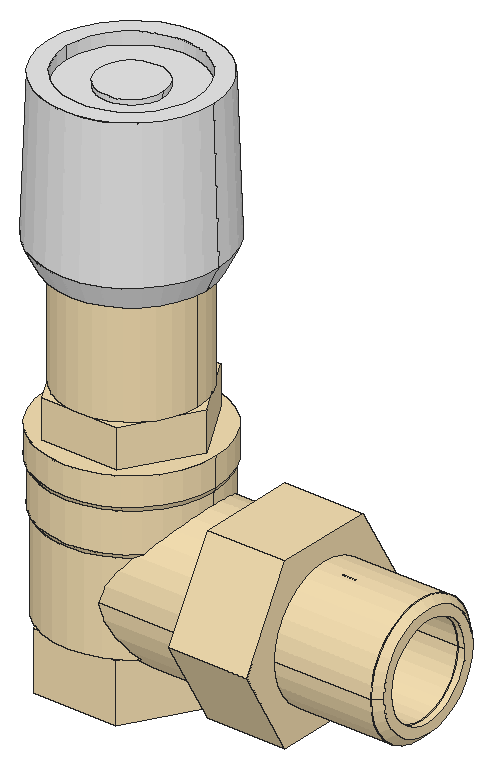
Revit family "1", category Pipe Accessories, Revit 2018
Family settings
  Round Connector Dimension = Use Diameter
  Part Type = Normal
  OmniClass Number = 23.65.00.00
  OmniClass Title = Supply and Distribution of Liquids and Gases
  Work Plane-Based = No
  Always vertical = No
  Cut with Voids When Loaded = No
  Shared = No
Parameters (values of type "554 - 3/4” - Female differential by-pass valve with pipe union")
  Youtube clip = ""
  Wheelhandle Material = Pintossi - Plastic - ABS
  Weight Net (Kg) = ""
  Uniformat II Description = "Systems Testing & Balancing"  # constant formula
  Uniformat II Code = "D3070"  # constant formula
  Uniclass 2015 Name = "Balancing equipment"  # constant formula
  Uniclass 2015 Code = "Pr_40_50_83_06"  # constant formula
  Uniclass 2.0 Description = "Balancing Equipment"  # constant formula
  Uniclass 2.0 Code = "PR-35-83-06"  # constant formula
  Uniclass 1.4 Description = "Valves"  # constant formula
  Uniclass 1.4 Code = "L7136"  # constant formula
  URL = "www.pintossi.it"
  UNSPSC Code = "401416"  # constant formula
  Technical description = ""
  Region South America = "AR, BO, BR, CL, CO, EC, FK, GF, GY, PE, PY, SR, UY, VE"  # constant formula
  Region Oceania = "AS, AU, CK, FJ, FM, GU, KI, MH, MP, NC, NF, NR, NU, NZ, PF, PG, PN, PW, SB, TK, TL, TO, TV, UM, WF, WS, VU"  # constant formula
  Region North America = "AG, AI, AW, BB, BL, BM, BQ, BS, BZ, CA, CR, CU, CW, DM, DO, GD, GL, GP, GT, HN, HT, JM, KN, KY, LC, MF, MQ, MS, MX, NI, PA, PM, PR, SV, SX, TC, TT, US, VC, VG, VI"  # constant formula
  Region Middle East = "AE, AF, BH, EG, IL, IQ, IR, JO, KW, LB, OM, PS, QA, SA, SY, TR, YE"  # constant formula
  Region Europe = "AD, AL, AT, AX, BA, BE, BG, BY, CH, CY, CZ, DE, DK, EE, ES, FI, FO, FR, GB, GG, GI, GR, HR, HU, IE, IM, IS, IT, JE, LI, LT, LU, LV, MC, MD, ME, MK, MT, NL, NO, PL, PT, RO, RS, RU, SE, SI, SJ, SK, SM, UA, VA"  # constant formula
  Region Asia = "AM, AZ, BD, BN, BT, CC, CN, CX, GE, HK, ID, IN, IO, JP, KG, KH, KR, KZ, LA, LK, MM, MN, MO, MV, MY, NP, PH, PK, SG, TH, TJ, TM, TW, UZ, VN"  # constant formula
  Region Antarctica = "AQ, BV, GS, HM, TF"  # constant formula
  Region Africa = "AO, BF, BI, BJ, BW, CD, CF, CG, CI, CM, CV, DJ, DZ, EH, ER, ET, GA, GH, GM, GN, GQ, GW, KE, KM, LR, LS, LY, MA, MG, ML, MR, MU, MW, MZ, NA, NE, NG, RE, RW, SC, SD, SH, SL, SN, SO, SS, ST, SZ, TD, TG, TN, TZ, UG, YT, ZA, ZM, ZW"  # constant formula
  QR code = ""
  Product url = ""
  Product group = "By-pass-valves"  # constant formula
  Product family = "Components for central heating systems"  # constant formula
  Product data url = "https://www.bimobject.com/pintossi/product/554-differential-by-pass-valve-with-pipe-union"
  Product certification = ""
  Product SKU = ""
  Product Guid = "a1516ca7-c29a-432c-935f-a9d5edb142eb"
  PH: = "Between 7 and 8"  # constant formula
  Obturator Material = Pintossi - Metal - Brass CW617N
  NBS Reference Description = "Balancing Equipment"  # constant formula
  NBS Reference Code = "35-83-06"  # constant formula
  Model = "554"  # constant formula
  Maximum working temperature = 100 °C  # constant formula
  Maximum working pressure = 1000000.0 Pa  # constant formula
  Maximum percentage of glycol [%] = 30  # constant formula
  Material secondary = ""
  Material main = "Brass"  # constant formula
  Masterformat 2014 Description = "Testing, Adjusting, and Balancing for HVAC"  # constant formula
  Masterformat 2014 Code = "23 05 93"  # constant formula
  Manufacturer name = "Pintossi+c"  # constant formula
  Manufacturer country = "Italy"  # constant formula
  Manufacturer = "Pintossi+c"  # constant formula
  Main Inlet/Outlet Diameter = 19.1 mm
  Iron (FE): = "< 0,5 mg/kg (< 0,1 mg/kg for steam)"  # constant formula
  Installation instructions = ""
  IFC Classification = "Valve"  # constant formula
  Gaskets Material = Pintossi - Rubber - NBR
  Fluid aspect: = "Limpid"  # constant formula
  Edition number = 1
  EAN code = ""
  Design country = "Italy"  # constant formula
  Description = "Pintossi+C differential by-pass valve is the perfect solutions in order to avoid noise in heating systems using two ways motorized zone valves or thermostatic radiator valves.\r\n\r\nThe valve limits the maximum differential pressure value when the pump is in function, ensuring a flow recirculation proportional to the simultaneous number of valves closed."  # constant formula
  Date of publishing = ""
  D = 111.5 mm
  Copper (CU): = "< 0,1 mg/kg (< 0,05 mg/kg for steam)"  # constant formula
  Conditioning: = "as indicated by the producer"  # constant formula
  COBIe Type Category = ""
  CH = 38 mm
  C = 89.5 mm
  Brand url = "http://www.pintossi.it/"
  Body Material = Pintossi - Metal - Brass CW617N
  BIMobject category = "HVAC: Other HVAC"  # constant formula
  B = 22 mm
  Application fluids = "Water or glycol solutions"  # constant formula
  Antifreeze: = "Passiveted Propylene Glycol"  # constant formula
  A = 64 mm
Reference planes
  plane 1 "Center (Front/Back)": y = 0
  plane 2: z = 0
  plane 3 "Center (Left/Right)": x = 0
  plane 4: x = 61.25
  plane 5: z = -22
  plane 6: z = 89.5
Forms (mm)
  SweptBlend 1, solid, material "Pintossi - Plastic - ABS" <- "Wheelhandle Material", detail levels fine
    path origin (0, 0, 0) x (1, 0, 0) y (0, 0, 1)
      loop
        line (0, 89.5) -> (0, 59.5)
    profile origin (0, 0, 89.5) x (0, -1, 0) y (1, 0, 0)
      loop
        circle (0, 0) r 17
    end profile origin (0, 0, 59.5) x (0, -1, 0) y (1, 0, 0)
      loop
        circle (0, 0) r 18
  SweptBlend 2, solid, material "Pintossi - Plastic - ABS" <- "Wheelhandle Material", detail levels fine
    path origin (0, 0, 0) x (1, 0, 0) y (0, 0, 1)
      loop
        line (0, 59.5) -> (0, 54.5)
    profile origin (0, 0, 59.5) x (0, -1, 0) y (1, 0, 0)
      loop
        circle (0, 0) r 18
    end profile origin (0, 0, 54.5) x (0, -1, 0) y (1, 0, 0)
      loop
        circle (0, 0) r 15.5
  Sweep 3, solid, material "Pintossi - Metal - Brass CW617N" <- "Body Material", detail levels fine
    path origin (0, 0, 0) x (1, 0, 0) y (0, 0, 1)
      loop
        line (0, 54.5) -> (0, 32.317)
    profile origin (0, 0, 43.408) x (0, -1, 0) y (1, 0, 0)
      loop
        circle (0, 0) r 13.65
  Sweep 4, solid, material "Pintossi - Metal - Brass CW617N" <- "Body Material", detail levels fine
    path origin (0, 0, 0) x (1, 0, 0) y (0, 0, 1)
      loop
        line (0, 32.317) -> (0, 24.511)
    profile origin (0, 0, 28.414) x (0, -1, 0) y (1, 0, 0)
      loop
        line (-13.423, 7.75) -> (-13.423, -7.75) -> (0, -15.5) -> (13.423, -7.75) -> (13.423, 7.75) -> (0, 15.5) -> (-13.423, 7.75)
  Sweep 5, solid, material "Pintossi - Metal - Brass CW617N" <- "Body Material", detail levels fine
    path origin (0, 0, 0) x (1, 0, 0) y (0, 0, 1)
      loop
        line (0, 24.511) -> (0, 18.701)
    profile origin (0, 0, 21.606) x (0, -1, 0) y (1, 0, 0)
      loop
        circle (0, 0) r 17.5
  SweptBlend 6, solid, material "Pintossi - Metal - Brass CW617N" <- "Body Material", detail levels fine
    path origin (0, 0, 0) x (1, 0, 0) y (0, 0, 1)
      loop
        line (0, 18.701) -> (0, 17.801)
    profile origin (0, 0, 18.701) x (0, -1, 0) y (1, 0, 0)
      loop
        circle (0, 0) r 17.5
    end profile origin (0, 0, 17.801) x (0, -1, 0) y (1, 0, 0)
      loop
        circle (0, 0) r 17
  Sweep 7, solid, material "Pintossi - Metal - Brass CW617N" <- "Body Material", detail levels fine
    path origin (0, 0, 0) x (1, 0, 0) y (0, 0, 1)
      loop
        line (0, 17.801) -> (0, 9.714)
    profile origin (0, 0, 13.758) x (0, -1, 0) y (1, 0, 0)
      loop
        circle (0, 0) r 17
  SweptBlend 8, solid, material "Pintossi - Metal - Brass CW617N" <- "Body Material", detail levels fine
    path origin (0, 0, 0) x (1, 0, 0) y (0, 0, 1)
      loop
        line (0, 9.714) -> (0, 8.79)
    profile origin (0, 0, 9.714) x (0, -1, 0) y (1, 0, 0)
      loop
        circle (0, 0) r 17
    end profile origin (0, 0, 8.79) x (0, -1, 0) y (1, 0, 0)
      loop
        circle (0, 0) r 16.5
  Sweep 9, solid, material "Pintossi - Metal - Brass CW617N" <- "Body Material", detail levels fine
    path origin (0, 0, 0) x (1, 0, 0) y (0, 0, 1)
      loop
        line (0, 8.79) -> (0, -10)
    profile origin (0, 0, -0.605) x (0, -1, 0) y (1, 0, 0)
      loop
        circle (0, 0) r 16.5
  Sweep 10, solid, material "Pintossi - Metal - Brass CW617N" <- "Body Material", detail levels fine
    path origin (0, 0, 0) x (1, 0, 0) y (0, 0, 1)
      loop
        line (0, -10) -> (0, -22)
    profile origin (0, 0, -16) x (0, -1, 0) y (1, 0, 0)
      loop
        line (-14.722, -8.5) -> (0, -17) -> (14.722, -8.5) -> (14.722, 8.5) -> (0, 17) -> (-14.722, 8.5) -> (-14.722, -8.5)
  SweptBlend 11, solid, material "Pintossi - Metal - Brass CW617N" <- "Body Material", detail levels fine
    path origin (0, 0, 0) x (1, 0, 0) y (0, 0, 1)
      loop
        line (61.25, 0) -> (59.746, 0)
    profile origin (61.25, 0, 0) x (0, 0, -1) y (0, -1, 0)
      loop
        circle (0, 0) r 11.5
    end profile origin (59.746, 0, 0) x (0, 0, -1) y (0, -1, 0)
      loop
        circle (0, 0) r 13
  Sweep 12, solid, material "Pintossi - Metal - Brass CW617N" <- "Body Material", detail levels fine
    path origin (0, 0, 0) x (1, 0, 0) y (0, 0, 1)
      loop
        line (59.746, 0) -> (39.75, 0)
    profile origin (49.748, 0, 0) x (0, 0, -1) y (0, -1, 0)
      loop
        circle (0, 0) r 13
  Sweep 13, solid, material "Pintossi - Metal - Brass CW617N" <- "Body Material", detail levels fine
    path origin (0, 0, 0) x (1, 0, 0) y (0, 0, 1)
      loop
        line (39.75, 0) -> (23.75, 0)
    profile origin (31.75, 0, 0) x (0, 0, -1) y (0, -1, 0)
      loop
        line (0, -20) -> (17.321, -10) -> (17.321, 10) -> (0, 20) -> (-17.321, 10) -> (-17.321, -10) -> (0, -20)
  Sweep 14, solid, material "Pintossi - Metal - Brass CW617N" <- "Body Material", detail levels fine
    path origin (0, 0, 0) x (1, 0, 0) y (0, 0, 1)
      loop
        line (23.75, 0) -> (0, 0)
    profile origin (11.875, 0, 0) x (0, 0, -1) y (0, -1, 0)
      loop
        circle (0, 0) r 15.5
  Sweep 15, void
    path origin (0, 0, 0) x (1, 0, 0) y (0, 0, 1)
      loop
        line (0, 89.5) -> (0, 87)
    profile origin (0, 0, 88.25) x (0, -1, 0) y (1, 0, 0)
      loop
        circle (0, 0) r 13.5
  Sweep 16, solid, material "Pintossi - Plastic - ABS" <- "Wheelhandle Material", detail levels fine
    path origin (0, 0, 0) x (1, 0, 0) y (0, 0, 1)
      loop
        line (0, 87) -> (0, 88)
    profile origin (0, 0, 87.5) x (-1, 0, 0) y (0, -1, 0)
      loop
        circle (0, 0) r 6.5
  Sweep 17, void
    path origin (0, 0, 0) x (1, 0, 0) y (0, 0, 1)
      loop
        line (61.25, 0) -> (23.75, 0)
    profile origin (42.5, 0, 0) x (0, 0, -1) y (0, -1, 0)
      loop
        circle (0, 0) r 9.55
  Sweep 18, void
    path origin (0, 0, 0) x (1, 0, 0) y (0, 0, 1)
      loop
        line (0, -22) -> (0, 0)
    profile origin (0, 0, -11) x (-1, 0, 0) y (0, -1, 0)
      loop
        circle (0, 0) r 9.55
Cuts and joins
  Sweep 15 cuts SweptBlend 1
  Sweep 17 cuts SweptBlend 8
  Sweep 17, Sweep 18 cuts Sweep 9
  Sweep 17 cuts SweptBlend 11
  Sweep 17 cuts Sweep 12
  Sweep 17 cuts Sweep 13
  Sweep 17, Sweep 18 cuts Sweep 14
  Sweep 18 cuts Sweep 10
Lines and regions (mm)
  symbolic lines
    curve 1: line (0, 0, 0) -> (61.25, 25.076, 0)
    curve 2: line (61.25, 25.076, 0) -> (61.25, -25.076, 0)
    curve 3: line (61.25, -25.076, 0) -> (0, 0, 0)
    curve 4: line (-10, 20, 0) -> (10, 20, 0)
    curve 5: arc (-10, 20, 0) -> (0, 30, 0) -> (10, 20, 0) r 10
    curve 6: line (0, 0, 0) -> (25.076, -61.25, 0)
    curve 7: line (25.076, -61.25, 0) -> (-25.076, -61.25, 0)
    curve 8: line (-25.076, -61.25, 0) -> (0, 0, 0)
    curve 20: line (0, 0, 0) -> (0, 20, 0)
  model lines, detail levels coarse+medium
    curve 9: line (0, 0, 0) -> (-15.405, 0, -22)
    curve 10: line (-15.405, 0, -22) -> (0, 0, -22)
    curve 11: line (0, 0, 0) -> (15.405, 0, -22)
    curve 12: line (15.405, 0, -22) -> (0, 0, -22)
    curve 13: line (0, 0, 0) -> (61.25, 0, -22.486)
    curve 14: line (0, 0, 0) -> (61.25, 0, 22.486)
    curve 15: line (61.25, 0, 22.486) -> (61.25, 0, -22.486)
    curve 16: line (0, 0, 0) -> (0, 0, 70)
    curve 17: line (0, 0, 70) -> (-25, 0, 70)
    curve 18: line (0, 0, 70) -> (25, 0, 70)
    curve 19: arc (-25, 0, 70) -> (0, 0, 89.914) -> (25, 0, 70) r 25.65
Dimensions and locks
  locked: plane 6 to plane 5 at 111.5
  locked: plane 4 to plane 3 "Center (Left/Right)" at 61.25
  aligned and locked: level to plane 2
  aligned and locked: plane 6 to cut or joined group of SweptBlend 1, Sweep 15
  aligned and locked: SweptBlend 2 to SweptBlend 2
  aligned and locked: SweptBlend 2 to Sweep 3
  aligned and locked: Sweep 4 to Sweep 3
  aligned and locked: Sweep 5 to Sweep 4
  aligned and locked: Sweep 5 to SweptBlend 6
  aligned and locked: SweptBlend 6 to Sweep 7
  aligned and locked: Sweep 7 to Sweep 7
  aligned and locked: cut or joined group of SweptBlend 8, Sweep 17 to cut or joined group of Sweep 9, Sweep 17, Sweep 18
  aligned and locked: cut or joined group of Sweep 10, Sweep 18 to cut or joined group of Sweep 9, Sweep 17, Sweep 18
  aligned and locked: cut or joined group of Sweep 10, Sweep 18 to plane 5
  aligned and locked: plane 4 to cut or joined group of SweptBlend 11, Sweep 17
  aligned and locked: cut or joined group of Sweep 13, Sweep 17 to cut or joined group of Sweep 12, Sweep 17
  aligned and locked: cut or joined group of Sweep 13, Sweep 17 to cut or joined group of Sweep 14, Sweep 17, Sweep 18
  aligned and locked: cut or joined group of Sweep 14, Sweep 17, Sweep 18 to plane 3 "Center (Left/Right)"
Connectors
  piping at (61.25, 0, 0), diameter 19.1, driven by "Main Inlet/Outlet Diameter"
    settings: on cut or joined group of SweptBlend 11, Sweep 17, index 1, connector inside diameter 609.6 mm, connector length 0 mm, flow factor 0, pipe flow 0.0 L/s, pressure drop 0.0 Pa, fitting loss kfactor 0, connector angle 0.00°, fixture units 0, engagement length 0 mm, angle of deflection 0.00°, flow configuration 0, flow direction 2, fitting loss method 0, system type 29, joint type 0, gender type 0, connector reference index -1, connector utility 0, adjustable connector no, is connector primary yes, connector description "Main Outlet"
  piping at (0, 0, -22), diameter 19.1, driven by "Main Inlet/Outlet Diameter"
    settings: on cut or joined group of Sweep 10, Sweep 18, index 2, connector inside diameter 609.6 mm, connector length 0 mm, flow factor 0, pipe flow 0.0 L/s, pressure drop 0.0 Pa, fitting loss kfactor 0, connector angle 0.00°, fixture units 0, engagement length 0 mm, angle of deflection 0.00°, flow configuration 0, flow direction 1, fitting loss method 0, system type 29, joint type 0, gender type 0, connector reference index -1, connector utility 0, adjustable connector no, is connector primary no, connector description "Main Inlet"
